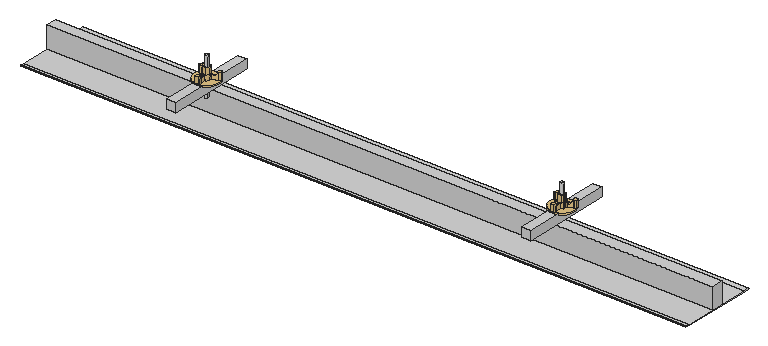
Revit family "LGW_COMPENSATION PLATE LGW 3_1923355", category Generic Models, Revit 2018
Family settings
  Can host rebar = No
  Round Connector Dimension = Use Diameter
  Part Type = Normal
  OmniClass Number = 35.51.14.00
  OmniClass Title = FORMWORK
  Work Plane-Based = Yes
  Always vertical = No
  Cut with Voids When Loaded = No
  Shared = Yes
  Room Calculation Point = No
Parameters
  VERSION = "20190101"  # constant formula
  URL = "www.ulmaconstruction.com/en"
  UNICLASS = ""
  ITEM_CODE = "1923355"
  Manufacturer = "ULMA CONSTRUCTION"  # constant formula
  FILTER [instance] = ""
  Default Elevation = 0.000 mm
  CLASSIFICATION_TITLE = ""
  CLASSIFICATION_NUMBER = ""
Reference planes
  plane 1 "Centro (Frontal/Posterior)": y = 0
  plane 2: z = 0
  plane 3 "Centro (Izquierda/Derecha)": x = 0
  plane 4 "01": x = 725
  plane 5 "02": x = 2275
  plane 6 "ITEM_HEIGHT": x = 3000
  plane 7 "MIDDLE": y = -25
  plane 8 "HOLE 1": x = 300
  plane 9 "HOLE 2": x = 1500
  plane 10 "HOLE 3": x = 2700
Forms (mm)
  Extrusion 1, solid, material "ULMA ZINC"
    sketch origin (0, 0, 0) x (0, 1, 0) y (0, 0, 1)
      loop
        line (-179.83, -96.5) -> (-199.66, -94.241) -> (-200, -97.221) -> (-180, -99.5) -> (130, -99.5) -> (150, -97.221) -> (149.66, -94.241) -> (129.83, -96.5) -> (-179.83, -96.5)
    from 0 to 3000
  Extrusion 2, solid, material "ULMA ZINC"
    sketch origin (0, 0, 0) x (0, 1, 0) y (0, 0, 1)
      loop
        line (-50, -96.5) -> (0, -96.5) -> (0, 0) -> (-50, 0) -> (-50, -96.5)
    from 0 to 3000
  Extrusion 3, solid, material "ULMA ZINC", detail levels fine
    sketch origin (0, 0, 0) x (1, 0, 0) y (0, 1, 0)
      loop
        circle (725, -57.5) r 7.5
    from -30 to 140
  Extrusion 4, solid, material "ULMA ZINC", detail levels fine
    sketch origin (0, 0, 0) x (1, 0, 0) y (0, 1, 0)
      loop
        circle (2275, 7.5) r 7.5
    from -30 to 140
  Extrusion 5, solid, material "ULMA ZINC"
    sketch origin (0, 0, 0) x (1, 0, 0) y (0, 1, 0)
      loop
        line (705, 142.5) -> (705, -257.5) -> (745, -257.5) -> (745, 142.5) -> (705, 142.5)
    from 0 to 40
  Extrusion 6, solid, material "ULMA ZINC"
    sketch origin (0, 0, 0) x (1, 0, 0) y (0, 1, 0)
      loop
        line (2255, 207.5) -> (2255, -192.5) -> (2295, -192.5) -> (2295, 207.5) -> (2255, 207.5)
    from 0 to 40
Lines and regions (mm)
  model lines, style "ULMA PANELS", detail levels fine
    curve 1: circle (300, -25, 0) r 13 normal (0, 0, 1)
    curve 2: circle (1500, -25, 0) r 13 normal (0, 0, 1)
    curve 3: circle (2700, -25, 0) r 13 normal (0, 0, 1)
    curve 4: circle (300, -25, -99.5) r 13 normal (0, 0, 1)
    curve 5: circle (1500, -25, -99.5) r 13 normal (0, 0, 1)
    curve 6: circle (2700, -25, -99.5) r 13 normal (0, 0, 1)
Dimensions and locks
  locked: plane 3 "Centro (Izquierda/Derecha)" to plane 6 "ITEM_HEIGHT" at 3000
  aligned and locked: level to plane 2
  aligned and locked: plane 6 "ITEM_HEIGHT" to Extrusion 1
  aligned and locked: plane 6 "ITEM_HEIGHT" to Extrusion 2
Nested families
  nested 1: "TUERCA PLACA FIJA 15 - 7238000_PANELS" at (725, -57.5, 40), type "TUERCA PLACA FIJA 15 - 7238000_PANELS"
    with FILTER ""
  nested 2: "TUERCA PLACA FIJA 15 - 7238000_PANELS" at (2275, 7.5, 40), type "TUERCA PLACA FIJA 15 - 7238000_PANELS"
    with FILTER ""
Definition of nested family "TUERCA PLACA FIJA 15 - 7238000_PANELS"
  Parameters (values of type "TUERCA PLACA FIJA 15 - 7238000_PANELS")
    VERSION = "20170217"  # constant formula
    URL = "www.ulmaconstruction.com/en"
    UNICLASS = ""
    Model = ""
    Manufacturer = "ULMA CONSTRUCTION"  # constant formula
    FILTER [instance] = ""
    Default Elevation = 0.000 mm
    CLASSIFICATION_TITLE = ""
    CLASSIFICATION_NUMBER = ""
  Reference planes
    plane 1 "Centro (Frontal/Posterior)": y = 0
    plane 2: z = 0
    plane 3 "Centro (Izquierda/Derecha)": x = 0
  Forms (mm)
    Extrusion 1, solid
      sketch origin (0, 42.5, 39) x (-1, 0, 0) y (0, -1, 0)
        loop
          circle (0, 42.5) r 55
      from -39 to -34
    Extrusion 2, solid, detail levels fine
      sketch origin (0, 0, 0) x (1, 0, 0) y (0, 1, 0)
        loop
          circle (0, 0) r 16.4
      from 5 to 25
    Extrusion 3, solid, detail levels fine
      sketch origin (0, 0, 0) x (1, 0, 0) y (0, 1, 0)
        loop
          line (7.794, 13.5) -> (-7.794, 13.5) -> (-15.588, 0) -> (-7.794, -13.5) -> (7.794, -13.5) -> (15.588, 0) -> (7.794, 13.5)
      from 25 to 56
    Extrusion 4, solid, detail levels fine
      sketch origin (0, 0, 0) x (1, 0, 0) y (0, 1, 0)
        loop
          line (-51.249, 19.962) -> (-43.895, 15.716)
          arc (-43.895, 15.716) -> (-42.889, 15.447) -> (-41.884, 15.718) r 2.008
          line (-41.884, 15.718) -> (-34.641, 19.9) -> (-34.641, 28.263)
          arc (-34.641, 28.263) -> (-34.91, 29.269) -> (-35.645, 30.006) r 2.015
          line (-35.645, 30.006) -> (-43.022, 34.265)
          arc (-43.022, 34.265) -> (-47.675, 27.424) -> (-51.249, 19.962) r 55
        loop
          arc (51.186, 20.125) -> (47.587, 27.576) -> (42.913, 34.402) r 55
          line (42.913, 34.402) -> (35.558, 30.156)
          arc (35.558, 30.156) -> (34.822, 29.419) -> (34.554, 28.413) r 2.008
          line (34.554, 28.413) -> (34.554, 20.05) -> (41.797, 15.868)
          arc (41.797, 15.868) -> (42.802, 15.598) -> (43.808, 15.866) r 2.015
          line (43.808, 15.866) -> (51.186, 20.125)
        loop
          line (8.337, -54.364) -> (8.337, -45.872)
          arc (8.337, -45.872) -> (8.067, -44.867) -> (7.329, -44.132) r 2.008
          line (7.329, -44.132) -> (0.087, -39.95) -> (-7.156, -44.132)
          arc (-7.156, -44.132) -> (-7.893, -44.867) -> (-8.164, -45.872) r 2.015
          line (-8.164, -45.872) -> (-8.164, -54.391)
          arc (-8.164, -54.391) -> (0.088, -55) -> (8.337, -54.364) r 55
      from 5 to 35
    Blend 5, solid, detail levels fine
      base sketch origin (0, 0, 0) x (1, 0, 0) y (0, 1, 0)
        loop
          arc (-15.798, 4.402) -> (-14.247, 8.123) -> (-11.836, 11.352) r 16.4
          line (-11.836, 11.352) -> (-34.641, 24.519) -> (-34.641, 19.9) -> (-38.641, 17.591) -> (-15.798, 4.402)
      top sketch origin (0, 0, 0) x (1, 0, 0) y (0, 1, 0)
        loop
          spline (-36.457, 18.852) -> (-35.471, 18.034) -> (-34.159, 17.057) -> (-32.563, 15.952) -> (-30.731, 14.753) -> (-28.722, 13.498) -> (-26.598, 12.226) -> (-24.424, 10.976) -> (-22.269, 9.788) -> (-20.2, 8.697) -> (-18.281, 7.74) -> (-16.572, 6.944) -> (-15.127, 6.336)
          arc (-15.127, 6.336) -> (-14.246, 8.125) -> (-13.154, 9.794) r 16.4
          spline (-13.154, 9.794) -> (-14.405, 10.742) -> (-15.948, 11.824) -> (-17.736, 13.006) -> (-19.714, 14.252) -> (-21.82, 15.523) -> (-23.987, 16.779) -> (-26.149, 17.981) -> (-28.238, 19.093) -> (-30.19, 20.078) -> (-31.942, 20.906) -> (-33.442, 21.553) -> (-34.641, 21.996)
          line (-34.641, 21.996) -> (-34.641, 19.9) -> (-36.457, 18.852)
      from 5 to 24.998
    Blend 6, solid, detail levels fine
      base sketch origin (0, 0, 0) x (-0.5, -0.866025, 0) y (0.866025, -0.5, 0)
        loop
          arc (-15.798, 4.402) -> (-14.247, 8.123) -> (-11.836, 11.352) r 16.4
          line (-11.836, 11.352) -> (-34.641, 24.519) -> (-34.641, 19.9) -> (-38.641, 17.591) -> (-15.798, 4.402)
      top sketch origin (0, 0, 0) x (-0.5, -0.866025, 0) y (0.866025, -0.5, 0)
        loop
          spline (-36.457, 18.852) -> (-35.471, 18.034) -> (-34.159, 17.057) -> (-32.563, 15.952) -> (-30.731, 14.753) -> (-28.722, 13.498) -> (-26.598, 12.226) -> (-24.424, 10.976) -> (-22.269, 9.788) -> (-20.2, 8.697) -> (-18.281, 7.74) -> (-16.572, 6.944) -> (-15.127, 6.336)
          arc (-15.127, 6.336) -> (-14.246, 8.125) -> (-13.154, 9.794) r 16.4
          spline (-13.154, 9.794) -> (-14.405, 10.742) -> (-15.948, 11.824) -> (-17.736, 13.006) -> (-19.714, 14.252) -> (-21.82, 15.523) -> (-23.987, 16.779) -> (-26.149, 17.981) -> (-28.238, 19.093) -> (-30.19, 20.078) -> (-31.942, 20.906) -> (-33.442, 21.553) -> (-34.641, 21.996)
          line (-34.641, 21.996) -> (-34.641, 19.9) -> (-36.457, 18.852)
      from 5 to 24.998
    Blend 7, solid, detail levels fine
      base sketch origin (0, 0, 0) x (-0.498104, 0.867117, 0) y (-0.867117, -0.498104, 0)
        loop
          arc (-15.798, 4.402) -> (-14.247, 8.123) -> (-11.836, 11.352) r 16.4
          line (-11.836, 11.352) -> (-34.641, 24.519) -> (-34.641, 19.9) -> (-38.641, 17.591) -> (-15.798, 4.402)
      top sketch origin (0, 0, 0) x (-0.498104, 0.867117, 0) y (-0.867117, -0.498104, 0)
        loop
          spline (-36.457, 18.852) -> (-35.471, 18.034) -> (-34.159, 17.057) -> (-32.563, 15.952) -> (-30.731, 14.753) -> (-28.722, 13.498) -> (-26.598, 12.226) -> (-24.424, 10.976) -> (-22.269, 9.788) -> (-20.2, 8.697) -> (-18.281, 7.74) -> (-16.572, 6.944) -> (-15.127, 6.336)
          arc (-15.127, 6.336) -> (-14.246, 8.125) -> (-13.154, 9.794) r 16.4
          spline (-13.154, 9.794) -> (-14.405, 10.742) -> (-15.948, 11.824) -> (-17.736, 13.006) -> (-19.714, 14.252) -> (-21.82, 15.523) -> (-23.987, 16.779) -> (-26.149, 17.981) -> (-28.238, 19.093) -> (-30.19, 20.078) -> (-31.942, 20.906) -> (-33.442, 21.553) -> (-34.641, 21.996)
          line (-34.641, 21.996) -> (-34.641, 19.9) -> (-36.457, 18.852)
      from 5 to 24.998
    Revolve 8, void
      sketch origin (0, 0, 0) x (0, 1, 0) y (0, 0, 1)
        loop
          arc (-39.95, 25) -> (-28.175, 18.72) -> (-16.4, 24.999) r 14.18
          line (-16.4, 24.999) -> (-16.4, 26.999) -> (-39.95, 26.999) -> (-39.95, 25)
        axis (0, 24.999) -> (0, 26.999)
      angle from 0 to 360
  Cuts and joins
    Revolve 8 cuts Extrusion 3
    Revolve 8 cuts Blend 5
    Revolve 8 cuts Blend 6
    Revolve 8 cuts Blend 7
  Lines and regions (mm)
    model lines, detail levels fine
      curve 1: circle (0, 0, 0) r 7.5 normal (0, 0, 1)
      curve 2: circle (0, 0, 56) r 7.5 normal (0, 0, 1)
  Dimensions and locks
    aligned and locked: level to plane 2
